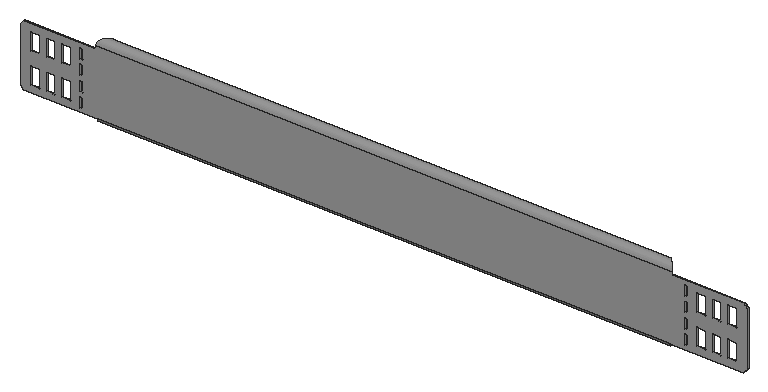
Revit family "Reduzierwinkel_Endabschluss RWEB 650 FS", category Generic Models, Revit 2017
Family settings
  Can host rebar = No
  Round Connector Dimension = Use Diameter
  Part Type = Normal
  Work Plane-Based = No
  Always vertical = Yes
  Cut with Voids When Loaded = No
  Shared = No
  Room Calculation Point = No
Parameters (values of type "RWEB 650 FS")
  URL = "http://www.obo-bettermann.com"
  Material = Strip galvanised
  Manufacturer Art.No. = "7109504"
  Manufacturer = "OBO BETTERMANN"
  GTIN = "4012196241934"
  Cut's number 4 = 4
  Cut's number 3 = 3
  Cut's number 2 = 2
  Cut's number = 9
  Article Type = "RWEB 650 FS"
Reference planes
  plane 1 "Center (Front/Back)": y = 0
  plane 2: z = 0
  plane 3 "Center (Left/Right)": x = 0
  plane 4: y = 12.456
  plane 5: x = 595
  plane 6: z = 2
  plane 7: z = 53
  plane 8: z = 27.5
  plane 9: x = 297.5
  plane 10: x = 73.96
  plane 11: x = 521.04
  plane 12: x = 297.5
  plane 13: x = 297.5
  plane 14: x = 521.04
  plane 15: x = 73.96
  plane 16: x = 73.755
  plane 17: x = 521.245
  plane 18: z = 27.5
  plane 19: y = 25
  plane 20: through (297.5, 25, 1200) normal (-0.7071, 0.7071, 0)
  plane 21: through (297.5, 25, 1200) normal (0.7071, -0.7071, 0)
  plane 22: through (303.066, 37.101, 1200) normal (0.7071, 0.7071, 0)
  plane 23: through (284.836, 19.976, 1200) normal (0.7071, 0.7071, 0)
  plane 24: through (322.5, 25, 1200) normal (-0.7071, 0.7071, 0)
  plane 25: through (322.5, 25, 1200) normal (0.7071, -0.7071, 0)
  plane 26: through (328.066, 37.101, 1200) normal (0.7071, 0.7071, 0)
  plane 27: through (309.836, 19.976, 1200) normal (0.7071, 0.7071, 0)
  plane 28: through (347.5, 25, 1200) normal (-0.7071, 0.7071, 0)
  plane 29: through (347.5, 25, 1200) normal (0.7071, -0.7071, 0)
  plane 30: through (353.066, 37.101, 1200) normal (0.7071, 0.7071, 0)
  plane 31: through (334.836, 19.976, 1200) normal (0.7071, 0.7071, 0)
  plane 32: through (372.5, 25, 1200) normal (-0.7071, 0.7071, 0)
  plane 33: through (372.5, 25, 1200) normal (0.7071, -0.7071, 0)
  plane 34: through (378.066, 37.101, 1200) normal (0.7071, 0.7071, 0)
  plane 35: through (359.836, 19.976, 1200) normal (0.7071, 0.7071, 0)
  plane 36: through (397.5, 25, 1200) normal (-0.7071, 0.7071, 0)
  plane 37: through (397.5, 25, 1200) normal (0.7071, -0.7071, 0)
  plane 38: through (403.066, 37.101, 1200) normal (0.7071, 0.7071, 0)
  plane 39: through (384.836, 19.976, 1200) normal (0.7071, 0.7071, 0)
  plane 40: through (422.5, 25, 1200) normal (-0.7071, 0.7071, 0)
  plane 41: through (422.5, 25, 1200) normal (0.7071, -0.7071, 0)
  plane 42: through (428.066, 37.101, 1200) normal (0.7071, 0.7071, 0)
  plane 43: through (409.836, 19.976, 1200) normal (0.7071, 0.7071, 0)
  plane 44: through (447.5, 25, 1200) normal (-0.7071, 0.7071, 0)
  plane 45: through (447.5, 25, 1200) normal (0.7071, -0.7071, 0)
  plane 46: through (453.066, 37.101, 1200) normal (0.7071, 0.7071, 0)
  plane 47: through (434.836, 19.976, 1200) normal (0.7071, 0.7071, 0)
  plane 48: through (472.5, 25, 1200) normal (-0.7071, 0.7071, 0)
  plane 49: through (472.5, 25, 1200) normal (0.7071, -0.7071, 0)
  plane 50: through (478.066, 37.101, 1200) normal (0.7071, 0.7071, 0)
  plane 51: through (459.836, 19.976, 1200) normal (0.7071, 0.7071, 0)
  plane 52: through (497.5, 25, 1200) normal (-0.7071, 0.7071, 0)
  plane 53: through (497.5, 25, 1200) normal (0.7071, -0.7071, 0)
  plane 54: through (503.066, 37.101, 1200) normal (0.7071, 0.7071, 0)
  plane 55: through (484.836, 19.976, 1200) normal (0.7071, 0.7071, 0)
  plane 56: through (272.5, 25, 1200) normal (-0.7071, 0.7071, 0)
  plane 57: through (272.5, 25, 1200) normal (0.7071, -0.7071, 0)
  plane 58: through (278.066, 37.101, 1200) normal (0.7071, 0.7071, 0)
  plane 59: through (259.836, 19.976, 1200) normal (0.7071, 0.7071, 0)
  plane 60: through (247.5, 25, 1200) normal (-0.7071, 0.7071, 0)
  plane 61: through (247.5, 25, 1200) normal (0.7071, -0.7071, 0)
  plane 62: through (253.066, 37.101, 1200) normal (0.7071, 0.7071, 0)
  plane 63: through (234.836, 19.976, 1200) normal (0.7071, 0.7071, 0)
  plane 64: through (222.5, 25, 1200) normal (-0.7071, 0.7071, 0)
  plane 65: through (222.5, 25, 1200) normal (0.7071, -0.7071, 0)
  plane 66: through (228.066, 37.101, 1200) normal (0.7071, 0.7071, 0)
  plane 67: through (209.836, 19.976, 1200) normal (0.7071, 0.7071, 0)
  plane 68: through (197.5, 25, 1200) normal (-0.7071, 0.7071, 0)
  plane 69: through (197.5, 25, 1200) normal (0.7071, -0.7071, 0)
  plane 70: through (203.066, 37.101, 1200) normal (0.7071, 0.7071, 0)
  plane 71: through (184.836, 19.976, 1200) normal (0.7071, 0.7071, 0)
  plane 72: through (172.5, 25, 1200) normal (-0.7071, 0.7071, 0)
  plane 73: through (172.5, 25, 1200) normal (0.7071, -0.7071, 0)
  plane 74: through (178.066, 37.101, 1200) normal (0.7071, 0.7071, 0)
  plane 75: through (159.836, 19.976, 1200) normal (0.7071, 0.7071, 0)
  plane 76: through (147.5, 25, 1200) normal (-0.7071, 0.7071, 0)
  plane 77: through (147.5, 25, 1200) normal (0.7071, -0.7071, 0)
  plane 78: through (153.066, 37.101, 1200) normal (0.7071, 0.7071, 0)
  plane 79: through (134.836, 19.976, 1200) normal (0.7071, 0.7071, 0)
  plane 80: through (122.5, 25, 1200) normal (-0.7071, 0.7071, 0)
  plane 81: through (122.5, 25, 1200) normal (0.7071, -0.7071, 0)
  plane 82: through (128.066, 37.101, 1200) normal (0.7071, 0.7071, 0)
  plane 83: through (109.836, 19.976, 1200) normal (0.7071, 0.7071, 0)
  plane 84: through (97.5, 25, 1200) normal (-0.7071, 0.7071, 0)
  plane 85: through (97.5, 25, 1200) normal (0.7071, -0.7071, 0)
  plane 86: through (103.066, 37.101, 1200) normal (0.7071, 0.7071, 0)
  plane 87: through (84.836, 19.976, 1200) normal (0.7071, 0.7071, 0)
  plane 88: z = 40
  plane 89: z = 15
  plane 90: x = 12.5
  plane 91: z = 65
  plane 92: z = 40
  plane 93: x = 12.5
  plane 94: z = 40
  plane 95: z = 15
  plane 96: x = 12.5
  plane 97: z = 40
  plane 98: z = 15
  plane 99: x = 25.021
  plane 100: z = 65
  plane 101: z = 40
  plane 102: x = 25.021
  plane 103: z = 40
  plane 104: z = 15
  plane 105: x = 37.541
  plane 106: z = 65
  plane 107: z = 40
  plane 108: x = 37.541
  plane 109: z = 40
  plane 110: z = 15
  plane 111: x = 582.5
  plane 112: z = 65
  plane 113: z = 40
  plane 114: x = 582.5
  plane 115: z = 40
  plane 116: z = 15
  plane 117: x = 569.979
  plane 118: z = 65
  plane 119: z = 40
  plane 120: x = 569.979
  plane 121: z = 40
  plane 122: z = 15
  plane 123: x = 557.459
  plane 124: z = 65
  plane 125: z = 40
  plane 126: x = 557.459
  plane 127: x = 50
  plane 128: z = 49.5
  plane 129: x = 50
  plane 130: z = 37.458
  plane 131: x = 50
  plane 132: z = 25.417
  plane 133: x = 50
  plane 134: z = 13.375
  plane 135: x = 545
  plane 136: z = 49.5
  plane 137: x = 545
  plane 138: z = 37.458
  plane 139: x = 545
  plane 140: z = 25.417
  plane 141: x = 545
  plane 142: z = 13.375
Forms (mm)
  Extrusion 1, solid, material "Strip galvanised" <- "Material"
    sketch origin (0, 0, 0) x (0, 1, 0) y (0, 0, 1)
      loop
        line (2, 0) -> (40, 0) -> (40, 1) -> (2, 1)
        arc (2, 1) -> (1.293, 1.293) -> (1, 2) r 1
        line (1, 2) -> (1, 55)
        arc (1, 55) -> (3.708, 58.785) -> (8.165, 57.446) r 4
        line (8.165, 57.446) -> (11.749, 53.862) -> (12.456, 54.569) -> (8.914, 58.111)
        arc (8.914, 58.111) -> (3.353, 59.721) -> (0, 55) r 5
        line (0, 55) -> (0, 2)
        arc (0, 2) -> (0.586, 0.586) -> (2, 0) r 2
    from 0 to 595
  Extrusion 2, void
    sketch origin (0, 0, 0) x (1, 0, 0) y (0, 1, 0)
      loop
        line (73.96, 12.456) -> (0, 12.456) -> (0, 0) -> (61.504, 0) -> (73.96, 12.456)
    from 53 to 60.326
  Extrusion 3, void
    sketch origin (595, 0, 0) x (-1, 0, 0) y (0, -1, 0)
      loop
        line (73.96, -12.456) -> (61.504, 0) -> (0, 0) -> (0, -12.456) -> (73.96, -12.456)
    from 53 to 60.326
  Extrusion 4, void
    sketch origin (0, 0, 0) x (1, 0, 0) y (0, 1, 0)
      loop
        line (73.755, 40) -> (0, 40) -> (0, 0) -> (63.037, 0) -> (73.755, 40)
    from 0 to 2
  Extrusion 5, void
    sketch origin (595, 0, 0) x (-1, 0, 0) y (0, -1, 0)
      loop
        line (73.755, -40) -> (63.037, 0) -> (0, 0) -> (0, -40) -> (73.755, -40)
    from 0 to 2
  Extrusion 6, void
    sketch origin (0, 0, 0) x (1, 0, 0) y (0, 0, 1)
      loop
        line (0, 53) -> (0, 50.009) -> (2.991, 53) -> (0, 53)
    from 0 to -1
  Extrusion 7, void
    sketch origin (595, 0, 0) x (-1, 0, 0) y (0, 0, -1)
      loop
        line (0, -53) -> (2.991, -53) -> (0, -50.009) -> (0, -53)
    from 0 to -1
  Extrusion 8, void
    sketch origin (0, 0, 55) x (1, 0, 0) y (0, 0, 1)
      loop
        line (0, -53) -> (2.991, -53) -> (0, -50.009) -> (0, -53)
    from 0 to -1
  Extrusion 9, void
    sketch origin (595, 0, 55) x (-1, 0, 0) y (0, 0, -1)
      loop
        line (0, 53) -> (0, 50.009) -> (2.991, 53) -> (0, 53)
    from 0 to -1
  Extrusion 10, void
    sketch origin (0, 0, 0) x (1, 0, 0) y (0, 1, 0)
      loop
        line (303.859, 36.308) -> (286.181, 18.631)
        arc (286.181, 18.631) -> (286.19, 13.69) -> (291.131, 13.681) r 3.5
        line (291.131, 13.681) -> (308.808, 31.359)
        arc (308.808, 31.359) -> (308.808, 36.308) -> (303.859, 36.308) r 3.5
    from 0 to 1
  Extrusion 11, void
    sketch origin (25, 0, 0) x (1, 0, 0) y (0, 1, 0)
      loop
        line (303.859, 36.308) -> (286.181, 18.631)
        arc (286.181, 18.631) -> (286.19, 13.69) -> (291.131, 13.681) r 3.5
        line (291.131, 13.681) -> (308.808, 31.359)
        arc (308.808, 31.359) -> (308.808, 36.308) -> (303.859, 36.308) r 3.5
    from 0 to 1
  Extrusion 12, void
    sketch origin (50, 0, 0) x (1, 0, 0) y (0, 1, 0)
      loop
        line (303.859, 36.308) -> (286.181, 18.631)
        arc (286.181, 18.631) -> (286.19, 13.69) -> (291.131, 13.681) r 3.5
        line (291.131, 13.681) -> (308.808, 31.359)
        arc (308.808, 31.359) -> (308.808, 36.308) -> (303.859, 36.308) r 3.5
    from 0 to 1
  Extrusion 13, void
    sketch origin (75, 0, 0) x (1, 0, 0) y (0, 1, 0)
      loop
        line (303.859, 36.308) -> (286.181, 18.631)
        arc (286.181, 18.631) -> (286.19, 13.69) -> (291.131, 13.681) r 3.5
        line (291.131, 13.681) -> (308.808, 31.359)
        arc (308.808, 31.359) -> (308.808, 36.308) -> (303.859, 36.308) r 3.5
    from 0 to 1
  Extrusion 14, void
    sketch origin (100, 0, 0) x (1, 0, 0) y (0, 1, 0)
      loop
        line (303.859, 36.308) -> (286.181, 18.631)
        arc (286.181, 18.631) -> (286.19, 13.69) -> (291.131, 13.681) r 3.5
        line (291.131, 13.681) -> (308.808, 31.359)
        arc (308.808, 31.359) -> (308.808, 36.308) -> (303.859, 36.308) r 3.5
    from 0 to 1
  Extrusion 15, void
    sketch origin (125, 0, 0) x (1, 0, 0) y (0, 1, 0)
      loop
        line (303.859, 36.308) -> (286.181, 18.631)
        arc (286.181, 18.631) -> (286.19, 13.69) -> (291.131, 13.681) r 3.5
        line (291.131, 13.681) -> (308.808, 31.359)
        arc (308.808, 31.359) -> (308.808, 36.308) -> (303.859, 36.308) r 3.5
    from 0 to 1
  Extrusion 16, void
    sketch origin (150, 0, 0) x (1, 0, 0) y (0, 1, 0)
      loop
        line (303.859, 36.308) -> (286.181, 18.631)
        arc (286.181, 18.631) -> (286.19, 13.69) -> (291.131, 13.681) r 3.5
        line (291.131, 13.681) -> (308.808, 31.359)
        arc (308.808, 31.359) -> (308.808, 36.308) -> (303.859, 36.308) r 3.5
    from 0 to 1
  Extrusion 17, void
    sketch origin (175, 0, 0) x (1, 0, 0) y (0, 1, 0)
      loop
        line (303.859, 36.308) -> (286.181, 18.631)
        arc (286.181, 18.631) -> (286.19, 13.69) -> (291.131, 13.681) r 3.5
        line (291.131, 13.681) -> (308.808, 31.359)
        arc (308.808, 31.359) -> (308.808, 36.308) -> (303.859, 36.308) r 3.5
    from 0 to 1
  Extrusion 18, void
    sketch origin (200, 0, 0) x (1, 0, 0) y (0, 1, 0)
      loop
        line (303.859, 36.308) -> (286.181, 18.631)
        arc (286.181, 18.631) -> (286.19, 13.69) -> (291.131, 13.681) r 3.5
        line (291.131, 13.681) -> (308.808, 31.359)
        arc (308.808, 31.359) -> (308.808, 36.308) -> (303.859, 36.308) r 3.5
    from 0 to 1
  Extrusion 19, void
    sketch origin (-25, 0, 0) x (1, 0, 0) y (0, 1, 0)
      loop
        line (303.859, 36.308) -> (286.181, 18.631)
        arc (286.181, 18.631) -> (286.19, 13.69) -> (291.131, 13.681) r 3.5
        line (291.131, 13.681) -> (308.808, 31.359)
        arc (308.808, 31.359) -> (308.808, 36.308) -> (303.859, 36.308) r 3.5
    from 0 to 1
  Extrusion 20, void
    sketch origin (-50, 0, 0) x (1, 0, 0) y (0, 1, 0)
      loop
        line (303.859, 36.308) -> (286.181, 18.631)
        arc (286.181, 18.631) -> (286.19, 13.69) -> (291.131, 13.681) r 3.5
        line (291.131, 13.681) -> (308.808, 31.359)
        arc (308.808, 31.359) -> (308.808, 36.308) -> (303.859, 36.308) r 3.5
    from 0 to 1
  Extrusion 21, void
    sketch origin (-75, 0, 0) x (1, 0, 0) y (0, 1, 0)
      loop
        line (303.859, 36.308) -> (286.181, 18.631)
        arc (286.181, 18.631) -> (286.19, 13.69) -> (291.131, 13.681) r 3.5
        line (291.131, 13.681) -> (308.808, 31.359)
        arc (308.808, 31.359) -> (308.808, 36.308) -> (303.859, 36.308) r 3.5
    from 0 to 1
  Extrusion 22, void
    sketch origin (-100, 0, 0) x (1, 0, 0) y (0, 1, 0)
      loop
        line (303.859, 36.308) -> (286.181, 18.631)
        arc (286.181, 18.631) -> (286.19, 13.69) -> (291.131, 13.681) r 3.5
        line (291.131, 13.681) -> (308.808, 31.359)
        arc (308.808, 31.359) -> (308.808, 36.308) -> (303.859, 36.308) r 3.5
    from 0 to 1
  Extrusion 23, void
    sketch origin (-125, 0, 0) x (1, 0, 0) y (0, 1, 0)
      loop
        line (303.859, 36.308) -> (286.181, 18.631)
        arc (286.181, 18.631) -> (286.19, 13.69) -> (291.131, 13.681) r 3.5
        line (291.131, 13.681) -> (308.808, 31.359)
        arc (308.808, 31.359) -> (308.808, 36.308) -> (303.859, 36.308) r 3.5
    from 0 to 1
  Extrusion 24, void
    sketch origin (-150, 0, 0) x (1, 0, 0) y (0, 1, 0)
      loop
        line (303.859, 36.308) -> (286.181, 18.631)
        arc (286.181, 18.631) -> (286.19, 13.69) -> (291.131, 13.681) r 3.5
        line (291.131, 13.681) -> (308.808, 31.359)
        arc (308.808, 31.359) -> (308.808, 36.308) -> (303.859, 36.308) r 3.5
    from 0 to 1
  Extrusion 25, void
    sketch origin (-175, 0, 0) x (1, 0, 0) y (0, 1, 0)
      loop
        line (303.859, 36.308) -> (286.181, 18.631)
        arc (286.181, 18.631) -> (286.19, 13.69) -> (291.131, 13.681) r 3.5
        line (291.131, 13.681) -> (308.808, 31.359)
        arc (308.808, 31.359) -> (308.808, 36.308) -> (303.859, 36.308) r 3.5
    from 0 to 1
  Extrusion 26, void
    sketch origin (-200, 0, 0) x (1, 0, 0) y (0, 1, 0)
      loop
        line (303.859, 36.308) -> (286.181, 18.631)
        arc (286.181, 18.631) -> (286.19, 13.69) -> (291.131, 13.681) r 3.5
        line (291.131, 13.681) -> (308.808, 31.359)
        arc (308.808, 31.359) -> (308.808, 36.308) -> (303.859, 36.308) r 3.5
    from 0 to 1
  Extrusion 27, void
    sketch origin (0, 0, 0) x (1, 0, 0) y (0, 0, 1)
      loop
        line (9, 22) -> (9, 8) -> (16, 8) -> (16, 22) -> (9, 22)
    from 0 to -1
  Extrusion 28, void
    sketch origin (0, 0, 25) x (1, 0, 0) y (0, 0, 1)
      loop
        line (9, 22) -> (9, 8) -> (16, 8) -> (16, 22) -> (9, 22)
    from 0 to -1
  Extrusion 29, void, not visible
    sketch origin (0, 0, 0) x (1, 0, 0) y (0, 0, 1)
      loop
        line (9, 22) -> (9, 8) -> (16, 8) -> (16, 22) -> (9, 22)
    from 0 to -1
  Extrusion 30, void
    sketch origin (12.521, 0, 0) x (1, 0, 0) y (0, 0, 1)
      loop
        line (9, 22) -> (9, 8) -> (16, 8) -> (16, 22) -> (9, 22)
    from 0 to -1
  Extrusion 31, void
    sketch origin (12.521, 0, 25) x (1, 0, 0) y (0, 0, 1)
      loop
        line (9, 22) -> (9, 8) -> (16, 8) -> (16, 22) -> (9, 22)
    from 0 to -1
  Extrusion 32, void
    sketch origin (25.041, 0, 0) x (1, 0, 0) y (0, 0, 1)
      loop
        line (9, 22) -> (9, 8) -> (16, 8) -> (16, 22) -> (9, 22)
    from 0 to -1
  Extrusion 33, void
    sketch origin (25.041, 0, 25) x (1, 0, 0) y (0, 0, 1)
      loop
        line (9, 22) -> (9, 8) -> (16, 8) -> (16, 22) -> (9, 22)
    from 0 to -1
  Extrusion 34, void
    sketch origin (595, 0, 0) x (-1, 0, 0) y (0, 0, -1)
      loop
        line (9, -22) -> (16, -22) -> (16, -8) -> (9, -8) -> (9, -22)
    from 0 to -1
  Extrusion 35, void
    sketch origin (595, 0, 25) x (-1, 0, 0) y (0, 0, -1)
      loop
        line (9, -22) -> (16, -22) -> (16, -8) -> (9, -8) -> (9, -22)
    from 0 to -1
  Extrusion 36, void
    sketch origin (582.479, 0, 0) x (-1, 0, 0) y (0, 0, -1)
      loop
        line (9, -22) -> (16, -22) -> (16, -8) -> (9, -8) -> (9, -22)
    from 0 to -1
  Extrusion 37, void
    sketch origin (582.479, 0, 25) x (-1, 0, 0) y (0, 0, -1)
      loop
        line (9, -22) -> (16, -22) -> (16, -8) -> (9, -8) -> (9, -22)
    from 0 to -1
  Extrusion 38, void
    sketch origin (569.959, 0, 0) x (-1, 0, 0) y (0, 0, -1)
      loop
        line (9, -22) -> (16, -22) -> (16, -8) -> (9, -8) -> (9, -22)
    from 0 to -1
  Extrusion 39, void
    sketch origin (569.959, 0, 25) x (-1, 0, 0) y (0, 0, -1)
      loop
        line (9, -22) -> (16, -22) -> (16, -8) -> (9, -8) -> (9, -22)
    from 0 to -1
  Extrusion 40, void
    sketch origin (0, 0, 0) x (1, 0, 0) y (0, 0, 1)
      loop
        line (48.75, 49.5) -> (48.75, 41.5) -> (51.25, 41.5) -> (51.25, 49.5) -> (48.75, 49.5)
    from 0 to -1
  Extrusion 41, void
    sketch origin (0, 0, -12.042) x (1, 0, 0) y (0, 0, 1)
      loop
        line (48.75, 49.5) -> (48.75, 41.5) -> (51.25, 41.5) -> (51.25, 49.5) -> (48.75, 49.5)
    from 0 to -1
  Extrusion 42, void
    sketch origin (0, 0, -24.083) x (1, 0, 0) y (0, 0, 1)
      loop
        line (48.75, 49.5) -> (48.75, 41.5) -> (51.25, 41.5) -> (51.25, 49.5) -> (48.75, 49.5)
    from 0 to -1
  Extrusion 43, void
    sketch origin (0, 0, -36.125) x (1, 0, 0) y (0, 0, 1)
      loop
        line (48.75, 49.5) -> (48.75, 41.5) -> (51.25, 41.5) -> (51.25, 49.5) -> (48.75, 49.5)
    from 0 to -1
  Extrusion 44, void
    sketch origin (595, 0, 0) x (-1, 0, 0) y (0, 0, -1)
      loop
        line (48.75, -49.5) -> (51.25, -49.5) -> (51.25, -41.5) -> (48.75, -41.5) -> (48.75, -49.5)
    from 0 to -1
  Extrusion 45, void
    sketch origin (595, 0, -12.042) x (-1, 0, 0) y (0, 0, -1)
      loop
        line (48.75, -49.5) -> (51.25, -49.5) -> (51.25, -41.5) -> (48.75, -41.5) -> (48.75, -49.5)
    from 0 to -1
  Extrusion 46, void
    sketch origin (595, 0, -24.083) x (-1, 0, 0) y (0, 0, -1)
      loop
        line (48.75, -49.5) -> (51.25, -49.5) -> (51.25, -41.5) -> (48.75, -41.5) -> (48.75, -49.5)
    from 0 to -1
  Extrusion 47, void
    sketch origin (595, 0, -36.125) x (-1, 0, 0) y (0, 0, -1)
      loop
        line (48.75, -49.5) -> (51.25, -49.5) -> (51.25, -41.5) -> (48.75, -41.5) -> (48.75, -49.5)
    from 0 to -1
Cuts and joins
  Extrusion 2, Extrusion 3, Extrusion 4, Extrusion 5, Extrusion 6, Extrusion 7, Extrusion 8, Extrusion 9, Extrusion 10, Extrusion 11, Extrusion 12, Extrusion 13, Extrusion 14, Extrusion 15, Extrusion 16, Extrusion 17, Extrusion 18, Extrusion 19, Extrusion 20, Extrusion 21, Extrusion 22, Extrusion 23, Extrusion 24, Extrusion 25, Extrusion 26, Extrusion 27, Extrusion 28, Extrusion 30, Extrusion 31, Extrusion 32, Extrusion 33, Extrusion 34, Extrusion 35, Extrusion 36, Extrusion 37, Extrusion 38, Extrusion 39, Extrusion 40, Extrusion 41, Extrusion 42, Extrusion 43, Extrusion 44, Extrusion 45, Extrusion 46, Extrusion 47 cuts Extrusion 1
Dimensions and locks
  locked: plane 1 "Center (Front/Back)" to plane 4 at 12.456
  locked: Extrusion 1 sketch curve to Extrusion 1 sketch curve at 1  (x3)
  locked: Extrusion 1 sketch curve to Extrusion 1 sketch curve at 40
  locked: plane 1 "Center (Front/Back)" to Extrusion 1 sketch curve at 12.456
  locked: Extrusion 1 sketch curve to Extrusion 1 sketch curve at 60
  locked: plane 3 "Center (Left/Right)" to plane 5 at 595
  locked: plane 7 to plane 6 at 51
  locked: plane 3 "Center (Left/Right)" to plane 9 at 297.5
  Extrusion 4 to plane 1 "Center (Front/Back)" = 40 mm
  locked: cut or joined group 1 (Extrusion 1, Extrusion 2, Extrusion 3, Extrusion 4, Extrusion 5, Extrusion 6, Extrusion 7, Extrusion 8, Extrusion 9, Extrusion 10, Extrusion 11, Extrusion 12, Extrusion 13, Extrusion 14, Extrusion 15, Extrusion 16, Extrusion 17, Extrusion 18, Extrusion 19, Extrusion 20, Extrusion 21, Extrusion 22, Extrusion 23, Extrusion 24, Extrusion 25, Extrusion 26, Extrusion 27, Extrusion 28, Extrusion 30, Extrusion 31, Extrusion 32, Extrusion 33, Extrusion 34, Extrusion 35, Extrusion 36, Extrusion 37, Extrusion 38, Extrusion 39, Extrusion 40, Extrusion 41, Extrusion 42, Extrusion 43, Extrusion 44, Extrusion 45, Extrusion 46, Extrusion 47) to cut or joined group 1 at 51
  locked: cut or joined group 1 to plane 18 at 25.5
  locked: cut or joined group 1 to plane 19 at 15
  equal spacing: group 17, group 16, group 15, group 14, group 13, group 12, group 11, group 10, group 9
  equal spacing: group 9, group 10, group 11, group 12, group 13, group 14, group 15, group 16, group 17  (x2)
  locked: Extrusion 27 sketch curve to Extrusion 27 sketch curve at 7
  locked: plane 90 to Extrusion 27 sketch curve at 3.5
  locked: Extrusion 27 sketch curve to Extrusion 27 sketch curve at 14
  locked: plane 89 to Extrusion 27 sketch curve at 7
  locked: Extrusion 28 sketch curve to Extrusion 28 sketch curve at 7
  locked: plane 93 to Extrusion 28 sketch curve at 3.5
  locked: Extrusion 28 sketch curve to Extrusion 28 sketch curve at 14
  locked: plane 92 to Extrusion 28 sketch curve at 7
  locked: Extrusion 29 sketch curve to Extrusion 29 sketch curve at 7
  locked: plane 96 to Extrusion 29 sketch curve at 3.5
  locked: Extrusion 29 sketch curve to Extrusion 29 sketch curve at 14
  locked: plane 95 to Extrusion 29 sketch curve at 7
  locked: Extrusion 30 sketch curve to Extrusion 30 sketch curve at 7
  locked: plane 99 to Extrusion 30 sketch curve at 3.5
  locked: Extrusion 30 sketch curve to Extrusion 30 sketch curve at 14
  locked: plane 98 to Extrusion 30 sketch curve at 7
  locked: Extrusion 31 sketch curve to Extrusion 31 sketch curve at 7
  locked: plane 102 to Extrusion 31 sketch curve at 3.5
  locked: Extrusion 31 sketch curve to Extrusion 31 sketch curve at 14
  locked: plane 101 to Extrusion 31 sketch curve at 7
  locked: Extrusion 32 sketch curve to Extrusion 32 sketch curve at 7
  locked: plane 105 to Extrusion 32 sketch curve at 3.5
  locked: Extrusion 32 sketch curve to Extrusion 32 sketch curve at 14
  locked: plane 104 to Extrusion 32 sketch curve at 7
  locked: Extrusion 33 sketch curve to Extrusion 33 sketch curve at 7
  locked: plane 108 to Extrusion 33 sketch curve at 3.5
  locked: Extrusion 33 sketch curve to Extrusion 33 sketch curve at 14
  locked: plane 107 to Extrusion 33 sketch curve at 7
  locked: Extrusion 34 sketch curve to Extrusion 34 sketch curve at 7
  locked: plane 111 to Extrusion 34 sketch curve at 3.5
  locked: Extrusion 34 sketch curve to Extrusion 34 sketch curve at 14
  locked: Extrusion 34 sketch curve to plane 110 at 7
  locked: Extrusion 35 sketch curve to Extrusion 35 sketch curve at 7
  locked: plane 114 to Extrusion 35 sketch curve at 3.5
  locked: Extrusion 35 sketch curve to Extrusion 35 sketch curve at 14
  locked: Extrusion 35 sketch curve to plane 113 at 7
  locked: Extrusion 36 sketch curve to Extrusion 36 sketch curve at 7
  locked: plane 117 to Extrusion 36 sketch curve at 3.5
  locked: Extrusion 36 sketch curve to Extrusion 36 sketch curve at 14
  locked: Extrusion 36 sketch curve to plane 116 at 7
  locked: Extrusion 37 sketch curve to Extrusion 37 sketch curve at 7
  locked: plane 120 to Extrusion 37 sketch curve at 3.5
  locked: Extrusion 37 sketch curve to Extrusion 37 sketch curve at 14
  locked: Extrusion 37 sketch curve to plane 119 at 7
  locked: Extrusion 38 sketch curve to Extrusion 38 sketch curve at 7
  locked: plane 123 to Extrusion 38 sketch curve at 3.5
  locked: Extrusion 38 sketch curve to Extrusion 38 sketch curve at 14
  locked: Extrusion 38 sketch curve to plane 122 at 7
  locked: Extrusion 39 sketch curve to Extrusion 39 sketch curve at 7
  locked: plane 126 to Extrusion 39 sketch curve at 3.5
  locked: Extrusion 39 sketch curve to Extrusion 39 sketch curve at 14
  locked: plane 125 to Extrusion 39 sketch curve at 7
  locked: Extrusion 40 sketch curve to Extrusion 40 sketch curve at 2.5
  locked: plane 127 to Extrusion 40 sketch curve at 1.25
  locked: Extrusion 40 sketch curve to Extrusion 40 sketch curve at 8
  locked: Extrusion 41 sketch curve to Extrusion 41 sketch curve at 2.5
  locked: plane 129 to Extrusion 41 sketch curve at 1.25
  locked: Extrusion 41 sketch curve to Extrusion 41 sketch curve at 8
  locked: Extrusion 42 sketch curve to Extrusion 42 sketch curve at 2.5
  locked: plane 131 to Extrusion 42 sketch curve at 1.25
  locked: Extrusion 42 sketch curve to Extrusion 42 sketch curve at 8
  locked: Extrusion 43 sketch curve to Extrusion 43 sketch curve at 2.5
  locked: plane 133 to Extrusion 43 sketch curve at 1.25
  locked: Extrusion 43 sketch curve to Extrusion 43 sketch curve at 8
  locked: Extrusion 44 sketch curve to Extrusion 44 sketch curve at 2.5
  locked: plane 135 to Extrusion 44 sketch curve at 1.25
  locked: Extrusion 44 sketch curve to Extrusion 44 sketch curve at 8
  locked: Extrusion 45 sketch curve to Extrusion 45 sketch curve at 2.5
  locked: plane 137 to Extrusion 45 sketch curve at 1.25
  locked: Extrusion 45 sketch curve to Extrusion 45 sketch curve at 8
  locked: Extrusion 46 sketch curve to Extrusion 46 sketch curve at 2.5
  locked: plane 139 to Extrusion 46 sketch curve at 1.25
  locked: Extrusion 46 sketch curve to Extrusion 46 sketch curve at 8
  locked: Extrusion 47 sketch curve to Extrusion 47 sketch curve at 2.5
  locked: plane 141 to Extrusion 47 sketch curve at 1.25
  locked: Extrusion 47 sketch curve to Extrusion 47 sketch curve at 8
  radius of Extrusion 1 sketch curve = 4 mm
  aligned and locked: level to plane 2
  aligned and locked: Extrusion 1 to level
  aligned and locked: plane 1 "Center (Front/Back)" to Extrusion 1
  aligned and locked: plane 5 to Extrusion 1
  aligned and locked: Extrusion 1 to plane 3 "Center (Left/Right)"
  aligned and locked: plane 3 "Center (Left/Right)" to Extrusion 4 sketch curve
  aligned and locked: Extrusion 4 sketch curve to cut or joined group 1
  aligned and locked: Extrusion 4 to level
  aligned and locked: Extrusion 10 to level
  aligned and locked: Extrusion 1 to Extrusion 6
  aligned and locked: Extrusion 1 to Extrusion 7
  aligned and locked: Extrusion 9 to Extrusion 1
  aligned and locked: Extrusion 8 to Extrusion 1
  aligned and locked: Extrusion 1 to Extrusion 10
  aligned and locked: plane 1 "Center (Front/Back)" to Extrusion 27
  aligned and locked: Extrusion 1 to Extrusion 27
  aligned and locked: plane 1 "Center (Front/Back)" to Extrusion 40
  aligned and locked: Extrusion 1 to Extrusion 40
Automatic sketch dimensions
  Extrusion 10 sketch curve to plane 23 = 0 mm
  Extrusion 10 sketch curve to plane 20 = 0 mm  (x2)
  Extrusion 10 sketch curve to plane 22 = 0 mm  (x3)
  Extrusion 10 sketch curve to Extrusion 10 sketch curve = 2.475 mm
  Extrusion 10 sketch curve to Extrusion 10 sketch curve = 2.484 mm
  Extrusion 11 sketch curve to plane 27 = 0 mm
  Extrusion 11 sketch curve to plane 24 = 0 mm  (x2)
  Extrusion 11 sketch curve to plane 26 = 0 mm  (x3)
  Extrusion 11 sketch curve to Extrusion 11 sketch curve = 2.475 mm
  Extrusion 11 sketch curve to Extrusion 11 sketch curve = 2.484 mm
  Extrusion 12 sketch curve to plane 31 = 0 mm
  Extrusion 12 sketch curve to plane 28 = 0 mm  (x2)
  Extrusion 12 sketch curve to plane 30 = 0 mm  (x3)
  Extrusion 12 sketch curve to Extrusion 12 sketch curve = 2.475 mm
  Extrusion 12 sketch curve to Extrusion 12 sketch curve = 2.484 mm
  Extrusion 13 sketch curve to plane 35 = 0 mm
  Extrusion 13 sketch curve to plane 32 = 0 mm  (x2)
  Extrusion 13 sketch curve to plane 34 = 0 mm  (x3)
  Extrusion 13 sketch curve to Extrusion 13 sketch curve = 2.475 mm
  Extrusion 13 sketch curve to Extrusion 13 sketch curve = 2.484 mm
  Extrusion 14 sketch curve to plane 39 = 0 mm
  Extrusion 14 sketch curve to plane 36 = 0 mm  (x2)
  Extrusion 14 sketch curve to plane 38 = 0 mm  (x3)
  Extrusion 14 sketch curve to Extrusion 14 sketch curve = 2.475 mm
  Extrusion 14 sketch curve to Extrusion 14 sketch curve = 2.484 mm
  Extrusion 15 sketch curve to plane 43 = 0 mm
  Extrusion 15 sketch curve to plane 40 = 0 mm  (x2)
  Extrusion 15 sketch curve to plane 42 = 0 mm  (x3)
  Extrusion 15 sketch curve to Extrusion 15 sketch curve = 2.475 mm
  Extrusion 15 sketch curve to Extrusion 15 sketch curve = 2.484 mm
  Extrusion 16 sketch curve to plane 47 = 0 mm
  Extrusion 16 sketch curve to plane 44 = 0 mm  (x2)
  Extrusion 16 sketch curve to plane 46 = 0 mm  (x3)
  Extrusion 16 sketch curve to Extrusion 16 sketch curve = 2.475 mm
  Extrusion 16 sketch curve to Extrusion 16 sketch curve = 2.484 mm
  Extrusion 17 sketch curve to plane 51 = 0 mm
  Extrusion 17 sketch curve to plane 48 = 0 mm  (x2)
  Extrusion 17 sketch curve to plane 50 = 0 mm  (x3)
  Extrusion 17 sketch curve to Extrusion 17 sketch curve = 2.475 mm
  Extrusion 17 sketch curve to Extrusion 17 sketch curve = 2.484 mm
  Extrusion 18 sketch curve to plane 55 = 0 mm
  Extrusion 18 sketch curve to plane 52 = 0 mm  (x2)
  Extrusion 18 sketch curve to plane 54 = 0 mm  (x3)
  Extrusion 18 sketch curve to Extrusion 18 sketch curve = 2.475 mm
  Extrusion 18 sketch curve to Extrusion 18 sketch curve = 2.484 mm
  Extrusion 19 sketch curve to plane 59 = 0 mm
  Extrusion 19 sketch curve to plane 56 = 0 mm  (x2)
  Extrusion 19 sketch curve to plane 58 = 0 mm  (x3)
  Extrusion 19 sketch curve to Extrusion 19 sketch curve = 2.475 mm
  Extrusion 19 sketch curve to Extrusion 19 sketch curve = 2.484 mm
  Extrusion 20 sketch curve to plane 63 = 0 mm
  Extrusion 20 sketch curve to plane 60 = 0 mm  (x2)
  Extrusion 20 sketch curve to plane 62 = 0 mm  (x3)
  Extrusion 20 sketch curve to Extrusion 20 sketch curve = 2.475 mm
  Extrusion 20 sketch curve to Extrusion 20 sketch curve = 2.484 mm
  Extrusion 21 sketch curve to plane 67 = 0 mm
  Extrusion 21 sketch curve to plane 64 = 0 mm  (x2)
  Extrusion 21 sketch curve to plane 66 = 0 mm  (x3)
  Extrusion 21 sketch curve to Extrusion 21 sketch curve = 2.475 mm
  Extrusion 21 sketch curve to Extrusion 21 sketch curve = 2.484 mm
  Extrusion 22 sketch curve to plane 71 = 0 mm
  Extrusion 22 sketch curve to plane 68 = 0 mm  (x2)
  Extrusion 22 sketch curve to plane 70 = 0 mm  (x3)
  Extrusion 22 sketch curve to Extrusion 22 sketch curve = 2.475 mm
  Extrusion 22 sketch curve to Extrusion 22 sketch curve = 2.484 mm
  Extrusion 23 sketch curve to plane 75 = 0 mm
  Extrusion 23 sketch curve to plane 72 = 0 mm  (x2)
  Extrusion 23 sketch curve to plane 74 = 0 mm  (x3)
  Extrusion 23 sketch curve to Extrusion 23 sketch curve = 2.475 mm
  Extrusion 23 sketch curve to Extrusion 23 sketch curve = 2.484 mm
  Extrusion 24 sketch curve to plane 79 = 0 mm
  Extrusion 24 sketch curve to plane 76 = 0 mm  (x2)
  Extrusion 24 sketch curve to plane 78 = 0 mm  (x3)
  Extrusion 24 sketch curve to Extrusion 24 sketch curve = 2.475 mm
  Extrusion 24 sketch curve to Extrusion 24 sketch curve = 2.484 mm
  Extrusion 25 sketch curve to plane 83 = 0 mm
  Extrusion 25 sketch curve to plane 80 = 0 mm  (x2)
  Extrusion 25 sketch curve to plane 82 = 0 mm  (x3)
  Extrusion 25 sketch curve to Extrusion 25 sketch curve = 2.475 mm
  Extrusion 25 sketch curve to Extrusion 25 sketch curve = 2.484 mm
  Extrusion 26 sketch curve to plane 87 = 0 mm
  Extrusion 26 sketch curve to plane 84 = 0 mm  (x2)
  Extrusion 26 sketch curve to plane 86 = 0 mm  (x3)
  Extrusion 26 sketch curve to Extrusion 26 sketch curve = 2.475 mm
  Extrusion 26 sketch curve to Extrusion 26 sketch curve = 2.484 mm
  Extrusion 40 sketch curve to plane 128 = 0 mm
  Extrusion 41 sketch curve to plane 130 = 0 mm
  Extrusion 42 sketch curve to plane 132 = 0 mm
  Extrusion 43 sketch curve to plane 134 = 0 mm
  Extrusion 1 sketch curve to Extrusion 1 sketch curve = 0 mm  (x4)
  Extrusion 1 sketch curve to plane 1 "Center (Front/Back)" = 0 mm
  Extrusion 1 sketch curve to plane 6 = 0 mm
  Extrusion 1 sketch curve to level = 0 mm
  Extrusion 1 sketch curve to Extrusion 1 sketch curve = 3.165 mm
  level to Extrusion 1 sketch curve = 58.111 mm
  Extrusion 2 sketch curve to plane 3 "Center (Left/Right)" = 0 mm
  plane 1 "Center (Front/Back)" to Extrusion 2 sketch curve = 0 mm
  Extrusion 2 sketch curve to plane 10 = 0 mm
  Extrusion 2 sketch curve to plane 10 = 12.456 mm
  Extrusion 2 sketch curve to plane 1 "Center (Front/Back)" = 12.456 mm
  Extrusion 3 sketch curve to plane 5 = 0 mm
  plane 1 "Center (Front/Back)" to Extrusion 3 sketch curve = 0 mm
  Extrusion 3 sketch curve to plane 14 = 0 mm
  plane 14 to Extrusion 3 sketch curve = 12.456 mm
  plane 1 "Center (Front/Back)" to Extrusion 3 sketch curve = 12.456 mm
  plane 1 "Center (Front/Back)" to Extrusion 4 sketch curve = 0 mm
  Extrusion 4 sketch curve to plane 16 = 0 mm
  Extrusion 4 sketch curve to plane 16 = 10.718 mm
  Extrusion 5 sketch curve to plane 5 = 0 mm
  plane 1 "Center (Front/Back)" to Extrusion 5 sketch curve = 0 mm
  Extrusion 5 sketch curve to plane 17 = 0 mm
  plane 17 to Extrusion 5 sketch curve = 10.718 mm
  Extrusion 5 sketch curve to plane 19 = 15 mm
  Extrusion 6 sketch curve to plane 3 "Center (Left/Right)" = 0 mm
  Extrusion 6 sketch curve to plane 7 = 0 mm
  plane 3 "Center (Left/Right)" to Extrusion 6 sketch curve = 2.991 mm
  Extrusion 6 sketch curve to plane 7 = 2.991 mm
  Extrusion 7 sketch curve to plane 5 = 0 mm
  Extrusion 7 sketch curve to plane 7 = 0 mm
  Extrusion 7 sketch curve to Extrusion 7 sketch curve = 2.991 mm
  plane 7 to Extrusion 7 sketch curve = 2.991 mm
  Extrusion 8 sketch curve to plane 3 "Center (Left/Right)" = 0 mm
  Extrusion 8 sketch curve to plane 6 = 0 mm
  Extrusion 8 sketch curve to plane 3 "Center (Left/Right)" = 2.991 mm
  Extrusion 8 sketch curve to plane 6 = 2.991 mm
  Extrusion 9 sketch curve to plane 5 = 0 mm
  Extrusion 9 sketch curve to plane 6 = 0 mm
  Extrusion 9 sketch curve to Extrusion 9 sketch curve = 2.991 mm
  plane 6 to Extrusion 9 sketch curve = 2.991 mm
  Extrusion 44 sketch curve to plane 136 = 0 mm
  Extrusion 45 sketch curve to plane 138 = 0 mm
  Extrusion 46 sketch curve to plane 140 = 0 mm
  Extrusion 47 sketch curve to plane 142 = 0 mm
